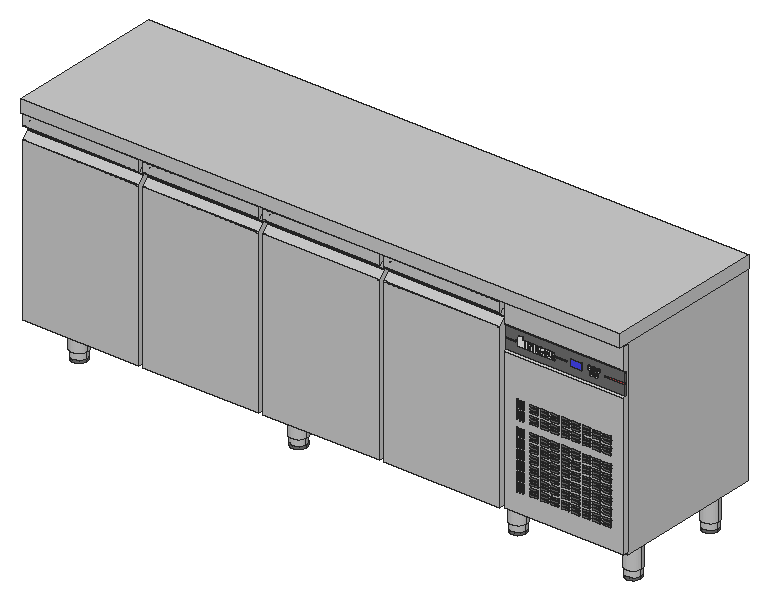
Revit family "QF_INOMAK_PMRP9999_250528093421", category Specialty Equipment, Revit 2021 (continued)
Definition of nested family "QF_INOMAK_REF_COUNTERS_DOORS_DRAWERS_7216"
  Definition of nested family "3_Drawers_1-3"
    Reference planes
      plane 2: z = 0
      plane 3 "Left": x = 0
      plane 4 "Right": x = 1200
      plane 5 "Front": y = -700
      plane 6 "Top": z = 1050
      plane 7 "Front legs": y = -690
      plane 8 "Legs top": z = 150
      plane 9 "Backsplash thickness": y = -10
      plane 10 "Left panel": x = 35
      plane 11 "Right panel": x = 1165
      plane 12: z = 749.333
      plane 13: z = 1046
      plane 14: z = 751.667
      plane 15: z = 747
      plane 16: z = 1048
      plane 17: z = 450.667
      plane 18: z = 453.333
      plane 19: z = 448
      plane 20: z = 154
      plane 21: z = 152
    Forms (mm)
      Extrusion 1, solid, material <- "Finish", visible <- "3 Drawers"
        sketch origin (35, 0, 0) x (0, -1, 0) y (0, 0, 1)
          loop
            line (690, 751.667) -> (690, 960.365)
            arc (690, 960.365) -> (689.866, 961.037) -> (689.485, 961.607) r 1.757
            line (689.485, 961.607) -> (666.663, 984.429)
            arc (666.663, 984.429) -> (665.976, 985.458) -> (665.734, 986.672) r 3.172
            line (665.734, 986.672) -> (665.734, 1013.576)
            arc (665.734, 1013.576) -> (666.433, 1015.262) -> (668.119, 1015.961) r 2.385
            line (668.119, 1015.961) -> (680.029, 1015.961) -> (686.544, 1006.657)
            arc (686.544, 1006.657) -> (688.671, 1005.935) -> (690, 1007.747) r 1.9
            line (690, 1007.747) -> (690, 1046) -> (648, 1046) -> (648, 751.667) -> (690, 751.667)
        from 0 to -1130
      Extrusion 2, solid, visible <- "3 Drawers", detail levels coarse
        sketch origin (0, -640.463, 751.667) x (0, 1, 0) y (-1, 0, 0)
          loop
            line (-49.537, -35) -> (-624.582, -35) -> (-624.582, -1165) -> (-49.537, -1165) -> (-49.537, -35)
        from 0 to 294.333
      Extrusion 3, solid, visible <- "3 Drawers", detail levels coarse
        sketch origin (0, -640.463, 453.333) x (0, 1, 0) y (-1, 0, 0)
          loop
            line (-49.537, -35) -> (-624.582, -35) -> (-624.582, -1165) -> (-49.537, -1165) -> (-49.537, -35)
        from 0 to 293.667
      Extrusion 4, solid, visible <- "3 Drawers", detail levels coarse
        sketch origin (0, -700, 154) x (-1, 0, 0) y (0, 1, 0)
          loop
            line (-35, 10) -> (-1165, 10) -> (-1165, -565.045) -> (-35, -565.045) -> (-35, 10)
        from 0 to -294
      Extrusion 5, solid, material <- "Finish", visible <- "3 Drawers"
        sketch origin (35, 0, -220.667) x (0, -1, 0) y (0, 0, 1)
          loop
            line (690, 674) -> (690, 882.031)
            arc (690, 882.031) -> (689.866, 882.704) -> (689.485, 883.274) r 1.757
            line (689.485, 883.274) -> (666.663, 906.096)
            arc (666.663, 906.096) -> (665.976, 907.125) -> (665.734, 908.339) r 3.172
            line (665.734, 908.339) -> (665.734, 935.243)
            arc (665.734, 935.243) -> (666.433, 936.929) -> (668.119, 937.628) r 2.385
            line (668.119, 937.628) -> (680.029, 937.628) -> (686.544, 928.324)
            arc (686.544, 928.324) -> (688.671, 927.602) -> (690, 929.414) r 1.9
            line (690, 929.414) -> (690, 967.667) -> (648, 967.667) -> (648, 674) -> (690, 674)
        from 0 to -1130
      Extrusion 6, solid, material <- "Finish", visible <- "3 Drawers"
        sketch origin (35, 0, -441.333) x (0, -1, 0) y (0, 0, 1)
          loop
            line (690, 595.333) -> (690, 800.031)
            arc (690, 800.031) -> (689.866, 800.704) -> (689.485, 801.274) r 1.757
            line (689.485, 801.274) -> (666.663, 824.096)
            arc (666.663, 824.096) -> (665.976, 825.125) -> (665.734, 826.339) r 3.172
            line (665.734, 826.339) -> (665.734, 857.243)
            arc (665.734, 857.243) -> (666.433, 858.929) -> (668.119, 859.628) r 2.385
            line (668.119, 859.628) -> (680.029, 859.628) -> (686.544, 850.324)
            arc (686.544, 850.324) -> (688.671, 849.602) -> (690, 851.414) r 1.9
            line (690, 851.414) -> (690, 889.333) -> (648, 889.333) -> (648, 595.333) -> (690, 595.333)
        from 0 to -1130
    Lines and regions (mm)
      symbolic lines, visible <- "3 Drawers"
        curve 1: line (35, -850, 900) -> (35, -890, 900)
        curve 2: line (35, -890, 900) -> (1165, -890, 900)
        curve 3: line (1165, -890, 900) -> (1165, -850, 900)
        curve 4: line (1165, -850, 900) -> (35, -850, 900)
        curve 5: line (1135, -850, 900) -> (1135, -700, 900)
        curve 6: line (65, -850, 900) -> (65, -700, 900)
        curve 7: line (35, -1040, 900) -> (35, -1080, 900)
        curve 8: line (35, -1080, 900) -> (1165, -1080, 900)
        curve 9: line (1165, -1080, 900) -> (1165, -1040, 900)
        curve 10: line (1165, -1040, 900) -> (35, -1040, 900)
        curve 11: line (1135, -1040, 900) -> (1135, -890, 900)
        curve 12: line (65, -1040, 900) -> (65, -890, 900)
        curve 13: line (35, -1225, 900) -> (35, -1265, 900)
        curve 14: line (35, -1265, 900) -> (1165, -1265, 900)
        curve 15: line (1165, -1265, 900) -> (1165, -1225, 900)
        curve 16: line (1165, -1225, 900) -> (35, -1225, 900)
        curve 17: line (1135, -1225, 900) -> (1135, -1080, 900)
        curve 18: line (65, -1225, 900) -> (65, -1080, 900)
    Dimensions and locks
      "Length Actual": plane 3 "Left" to plane 4 "Right"
      "Depth Actual": plane 5 "Front" to plane 1 "Back"
      "Height Actual": plane 6 "Top" to plane 8 "Legs top"
      "Front inset": plane 7 "Front legs" to plane 5 "Front"
      "Plinth height": plane 8 "Legs top" to plane 2
      "Rear inset": plane 9 "Backsplash thickness" to plane 1 "Back"
      "Right panel thickness": plane 11 "Right panel" to plane 4 "Right"
      "Left panel thickness": plane 3 "Left" to plane 10 "Left panel"
      plane 14 to plane 15 = 4.667 mm
      equal spacing: plane 14, plane 12, plane 15
      locked: plane 16 to plane 13 at 2
      equal spacing: plane 18, plane 17, plane 19
      plane 18 to plane 19 = 5.333 mm
      "Bottom inset": plane 20 to plane 8 "Legs top"
      equal spacing: plane 21, plane 17, plane 12, plane 16
      "Top inset": plane 13 to plane 6 "Top"
      locked: plane 21 to plane 20 at 2
      aligned and locked: level to plane 2
      aligned and locked: Extrusion 1 to plane 11 "Right panel"
      aligned and locked: plane 10 "Left panel" to curve 1
      aligned and locked: plane 10 "Left panel" to curve 7
      aligned and locked: plane 10 "Left panel" to curve 13
      aligned and locked: Extrusion 2 sketch curve to plane 10 "Left panel"
      aligned and locked: plane 11 "Right panel" to Extrusion 2 sketch curve
      aligned and locked: Extrusion 3 sketch curve to plane 10 "Left panel"
      aligned and locked: plane 11 "Right panel" to Extrusion 3 sketch curve
      aligned and locked: Extrusion 4 sketch curve to plane 10 "Left panel"
      aligned and locked: plane 11 "Right panel" to Extrusion 4 sketch curve
      aligned and locked: Extrusion 2 to plane 13
      aligned and locked: Extrusion 3 to plane 15
      aligned and locked: Extrusion 4 to plane 19
      aligned and locked: Extrusion 5 to plane 11 "Right panel"
      aligned and locked: Extrusion 6 to plane 11 "Right panel"
      aligned and locked: Extrusion 1 sketch curve to plane 13
      aligned and locked: Extrusion 1 sketch curve to plane 7 "Front legs"
      aligned and locked: plane 18 to Extrusion 5 sketch curve
      aligned and locked: Extrusion 6 sketch curve to Extrusion 4  (x2)
      aligned and locked: Extrusion 5 sketch curve to plane 15
      aligned and locked: Extrusion 4 to Extrusion 5 sketch curve
      aligned and locked: Extrusion 6 sketch curve to plane 19
      aligned and locked: Extrusion 6 sketch curve to plane 20
    Automatic sketch dimensions
      Extrusion 2 sketch curve to plane 7 "Front legs" = 0 mm
      Extrusion 2 sketch curve to plane 5 "Front" = 565.045 mm
      Extrusion 3 sketch curve to plane 7 "Front legs" = 0 mm
      Extrusion 3 sketch curve to plane 5 "Front" = 565.045 mm
      Extrusion 4 sketch curve to plane 7 "Front legs" = 0 mm
      Extrusion 4 sketch curve to plane 5 "Front" = 565.045 mm
      curve 14 to plane 11 "Right panel" = 0 mm
      curve 8 to plane 11 "Right panel" = 0 mm
      curve 3 to plane 11 "Right panel" = 0 mm
      curve 6 to plane 5 "Front" = 0 mm
      curve 5 to plane 5 "Front" = 0 mm
      curve 1 to plane 5 "Front" = 150 mm
      curve 2 to curve 3 = 40 mm
      curve 10 to curve 1 = 150 mm
      curve 9 to curve 9 = 40 mm
      curve 13 to curve 7 = 145 mm
      curve 14 to curve 13 = 40 mm
      curve 3 to curve 5 = 30 mm
      curve 15 to curve 17 = 30 mm
      curve 11 to curve 17 = 0 mm
      curve 6 to plane 10 "Left panel" = 30 mm
      curve 18 to plane 10 "Left panel" = 30 mm
      curve 12 to curve 18 = 0 mm
      Extrusion 1 sketch curve to plane 14 = 0 mm
      Extrusion 1 sketch curve to plane 7 "Front legs" = 0 mm
      plane 7 "Front legs" to Extrusion 1 sketch curve = 0.515 mm
      plane 7 "Front legs" to Extrusion 1 sketch curve = 1.757 mm
      plane 7 "Front legs" to Extrusion 1 sketch curve = 1.9 mm
      Extrusion 1 sketch curve to Extrusion 1 sketch curve = 1.556 mm
      plane 7 "Front legs" to Extrusion 1 sketch curve = 9.971 mm
      plane 7 "Front legs" to Extrusion 1 sketch curve = 21.094 mm
      Extrusion 1 sketch curve to Extrusion 1 sketch curve = 11.91 mm
      Extrusion 1 sketch curve to Extrusion 1 sketch curve = 2.243 mm
      Extrusion 1 sketch curve to Extrusion 1 sketch curve = 2.385 mm
      Extrusion 1 sketch curve to Extrusion 1 sketch curve = 20.119 mm
      plane 13 to Extrusion 1 sketch curve = 85.635 mm
      Extrusion 1 sketch curve to Extrusion 1 sketch curve = 22.822 mm
      Extrusion 1 sketch curve to Extrusion 1 sketch curve = 19.985 mm
      Extrusion 1 sketch curve to Extrusion 1 sketch curve = 6.919 mm
      plane 15 to Extrusion 5 sketch curve = 59.328 mm
      Extrusion 5 sketch curve to Extrusion 5 sketch curve = 17.734 mm
      plane 15 to Extrusion 5 sketch curve = 61.571 mm
      Extrusion 5 sketch curve to Extrusion 5 sketch curve = 0.929 mm
      Extrusion 5 sketch curve to Extrusion 5 sketch curve = 2.385 mm
      Extrusion 5 sketch curve to Extrusion 5 sketch curve = 11.91 mm
      Extrusion 5 sketch curve to Extrusion 5 sketch curve = 6.515 mm
      Extrusion 5 sketch curve to Extrusion 5 sketch curve = 1.556 mm
      Extrusion 5 sketch curve to Extrusion 5 sketch curve = 21.58 mm
      plane 15 to Extrusion 5 sketch curve = 84.393 mm
      Extrusion 5 sketch curve to Extrusion 5 sketch curve = 1.242 mm
      Extrusion 5 sketch curve to Extrusion 5 sketch curve = 1.9 mm
      Extrusion 5 sketch curve to Extrusion 5 sketch curve = 0.515 mm
      Extrusion 5 sketch curve to Extrusion 5 sketch curve = 6.919 mm
      Extrusion 5 sketch curve to Extrusion 5 sketch curve = 30.039 mm
      plane 7 "Front legs" to Extrusion 6 sketch curve = 0.515 mm
      plane 7 "Front legs" to Extrusion 6 sketch curve = 1.757 mm
      plane 7 "Front legs" to Extrusion 6 sketch curve = 1.9 mm
      Extrusion 6 sketch curve to Extrusion 6 sketch curve = 1.556 mm
      plane 7 "Front legs" to Extrusion 6 sketch curve = 9.971 mm
      plane 7 "Front legs" to Extrusion 6 sketch curve = 21.094 mm
      Extrusion 6 sketch curve to Extrusion 6 sketch curve = 11.91 mm
      Extrusion 6 sketch curve to Extrusion 6 sketch curve = 2.243 mm
      Extrusion 6 sketch curve to Extrusion 6 sketch curve = 2.385 mm
      Extrusion 6 sketch curve to Extrusion 6 sketch curve = 20.119 mm
      plane 19 to Extrusion 6 sketch curve = 89.302 mm
      Extrusion 6 sketch curve to Extrusion 6 sketch curve = 22.822 mm
      Extrusion 6 sketch curve to Extrusion 6 sketch curve = 23.985 mm
      Extrusion 6 sketch curve to Extrusion 6 sketch curve = 6.919 mm
  Definition of nested family "2_Drawers_1-2"
    Parameters (values of type "2 Drawers 1-2")
      URL = "www.specifiglobal.com"
      Top inset [instance] = 4 mm
      Right panel thickness [instance] = 35 mm
      Rear inset [instance] = 10 mm
      Plinth height [instance] = 150 mm
      Model = ""
      Manufacturer = "DEMO CONSULTANT"
      Length Actual [instance] = 1200 mm
      Left panel thickness [instance] = 35 mm
      Height Actual [instance] = 900 mm
      Front inset [instance] = 10 mm
      Finish = none
      Doors drawers type [instance] = 4
      Description = ""
      Depth Actual [instance] = 700 mm
      Default Elevation = 0 mm
      Bottom inset [instance] = 4 mm
      Assembly Code = "E1090320"
      2 Drawers [instance] = Doors drawers type = 4  # yes
    Reference planes
      plane 1 "Back": y = 0
      plane 2: z = 0
      plane 3 "Left": x = 0
      plane 4 "Right": x = 1200
      plane 5 "Front": y = -700
      plane 6 "Top": z = 1050
      plane 7 "Front legs": y = -690
      plane 8 "Legs top": z = 150
      plane 9 "Backsplash thickness": y = -10
      plane 10 "Left panel": x = 35
      plane 11 "Right panel": x = 1165
      plane 12: z = 600
      plane 13: z = 1046
      plane 14: z = 602
      plane 15: z = 598
      plane 16: z = 154
    Forms (mm)
      Extrusion 1, solid, material <- "Finish", visible <- "2 Drawers"
        sketch origin (35, 0, 0) x (0, -1, 0) y (0, 0, 1)
          loop
            line (690, 602) -> (690, 960.365)
            arc (690, 960.365) -> (689.866, 961.037) -> (689.485, 961.607) r 1.757
            line (689.485, 961.607) -> (666.663, 984.429)
            arc (666.663, 984.429) -> (665.976, 985.458) -> (665.734, 986.672) r 3.172
            line (665.734, 986.672) -> (665.734, 1013.576)
            arc (665.734, 1013.576) -> (666.433, 1015.262) -> (668.119, 1015.961) r 2.385
            line (668.119, 1015.961) -> (680.029, 1015.961) -> (686.544, 1006.657)
            arc (686.544, 1006.657) -> (688.671, 1005.935) -> (690, 1007.747) r 1.9
            line (690, 1007.747) -> (690, 1046) -> (648, 1046) -> (648, 602) -> (690, 602)
        from 0 to -1130
      Extrusion 2, solid, visible <- "2 Drawers", detail levels coarse
        sketch origin (0, -640.463, 602) x (0, 1, 0) y (-1, 0, 0)
          loop
            line (-49.537, -35) -> (-624.537, -35) -> (-624.537, -1165) -> (-49.537, -1165) -> (-49.537, -35)
        from 0 to 444
      Extrusion 3, solid, visible <- "2 Drawers", detail levels coarse
        sketch origin (0, -700, 154) x (-1, 0, 0) y (0, 1, 0)
          loop
            line (-35, 10) -> (-1165, 10) -> (-1165, -565) -> (-35, -565) -> (-35, 10)
        from 0 to -444
      Extrusion 4, solid, material <- "Finish", visible <- "2 Drawers"
        sketch origin (35, 0, -441.333) x (0, -1, 0) y (0, 0, 1)
          loop
            line (690, 595.333) -> (690, 953.698)
            arc (690, 953.698) -> (689.866, 954.37) -> (689.485, 954.94) r 1.757
            line (689.485, 954.94) -> (666.663, 977.763)
            arc (666.663, 977.763) -> (665.976, 978.792) -> (665.734, 980.006) r 3.172
            line (665.734, 980.006) -> (665.734, 1006.909)
            arc (665.734, 1006.909) -> (666.433, 1008.596) -> (668.119, 1009.294) r 2.385
            line (668.119, 1009.294) -> (680.029, 1009.294) -> (686.544, 999.991)
            arc (686.544, 999.991) -> (688.671, 999.268) -> (690, 1001.08) r 1.9
            line (690, 1001.08) -> (690, 1039.333) -> (648, 1039.333) -> (648, 595.333) -> (690, 595.333)
        from 0 to -1130
    Lines and regions (mm)
      symbolic lines, visible <- "2 Drawers"
        curve 1: line (35, -940, 900) -> (35, -980, 900)
        curve 2: line (35, -980, 900) -> (1165, -980, 900)
        curve 3: line (1165, -980, 900) -> (1165, -940, 900)
        curve 4: line (1165, -940, 900) -> (35, -940, 900)
        curve 5: line (1135, -940, 900) -> (1135, -700, 900)
        curve 6: line (65, -940, 900) -> (65, -700, 900)
        curve 7: line (35, -1225, 900) -> (35, -1265, 900)
        curve 8: line (35, -1265, 900) -> (1165, -1265, 900)
        curve 9: line (1165, -1265, 900) -> (1165, -1225, 900)
        curve 10: line (1165, -1225, 900) -> (35, -1225, 900)
        curve 11: line (1135, -1225, 900) -> (1135, -980, 900)
        curve 12: line (65, -1225, 900) -> (65, -980, 900)
    Dimensions and locks
      "Length Actual": plane 3 "Left" to plane 4 "Right"
      "Depth Actual": plane 5 "Front" to plane 1 "Back"
      "Height Actual": plane 6 "Top" to plane 8 "Legs top"
      "Front inset": plane 7 "Front legs" to plane 5 "Front"
      "Plinth height": plane 8 "Legs top" to plane 2
      "Rear inset": plane 9 "Backsplash thickness" to plane 1 "Back"
      "Right panel thickness": plane 11 "Right panel" to plane 4 "Right"
      "Left panel thickness": plane 3 "Left" to plane 10 "Left panel"
      "Top inset": plane 6 "Top" to plane 13
      "Bottom inset": plane 16 to plane 8 "Legs top"
      equal spacing: plane 16, plane 12, plane 13
      locked: plane 14 to plane 12 at 2
      locked: plane 15 to plane 12 at 2
      aligned and locked: level to plane 2
      aligned and locked: Extrusion 1 to plane 11 "Right panel"
      aligned and locked: plane 10 "Left panel" to curve 1
      aligned and locked: plane 10 "Left panel" to curve 7
      aligned and locked: Extrusion 2 sketch curve to plane 10 "Left panel"
      aligned and locked: plane 11 "Right panel" to Extrusion 2 sketch curve
      aligned and locked: Extrusion 3 sketch curve to plane 10 "Left panel"
      aligned and locked: plane 11 "Right panel" to Extrusion 3 sketch curve
      aligned and locked: Extrusion 2 to plane 13
      aligned and locked: Extrusion 4 to plane 11 "Right panel"
      aligned and locked: Extrusion 3 to plane 15
      aligned and locked: Extrusion 1 sketch curve to plane 13
      aligned and locked: Extrusion 1 sketch curve to plane 7 "Front legs"
      aligned and locked: plane 14 to Extrusion 1 sketch curve
      aligned and locked: Extrusion 4 sketch curve to plane 15
      aligned and locked: Extrusion 4 sketch curve to plane 7 "Front legs"
      aligned and locked: Extrusion 4 sketch curve to plane 16
    Automatic sketch dimensions
      Extrusion 2 sketch curve to plane 7 "Front legs" = 0 mm
      Extrusion 2 sketch curve to plane 5 "Front" = 565 mm
      Extrusion 3 sketch curve to plane 7 "Front legs" = 0 mm
      Extrusion 3 sketch curve to plane 5 "Front" = 565 mm
      curve 9 to plane 11 "Right panel" = 0 mm
      curve 2 to plane 11 "Right panel" = 0 mm
      curve 5 to plane 5 "Front" = 0 mm
      curve 6 to plane 5 "Front" = 0 mm
      curve 1 to plane 5 "Front" = 240 mm
      curve 3 to curve 3 = 40 mm
      curve 7 to curve 1 = 245 mm
      curve 8 to curve 9 = 40 mm
      plane 11 "Right panel" to curve 5 = 30 mm
      curve 2 to curve 11 = 30 mm
      curve 6 to plane 10 "Left panel" = 30 mm
      curve 12 to plane 10 "Left panel" = 30 mm
      Extrusion 1 sketch curve to Extrusion 1 sketch curve = 17.734 mm
      Extrusion 1 sketch curve to Extrusion 1 sketch curve = 0.929 mm
      Extrusion 1 sketch curve to Extrusion 1 sketch curve = 2.385 mm
      Extrusion 1 sketch curve to Extrusion 1 sketch curve = 3.172 mm
      Extrusion 1 sketch curve to Extrusion 1 sketch curve = 11.91 mm
      Extrusion 1 sketch curve to Extrusion 1 sketch curve = 6.515 mm
      Extrusion 1 sketch curve to Extrusion 1 sketch curve = 1.556 mm
      Extrusion 1 sketch curve to Extrusion 1 sketch curve = 21.58 mm
      Extrusion 1 sketch curve to Extrusion 1 sketch curve = 1.242 mm
      Extrusion 1 sketch curve to Extrusion 1 sketch curve = 1.9 mm
      Extrusion 1 sketch curve to Extrusion 1 sketch curve = 0.515 mm
      Extrusion 1 sketch curve to Extrusion 1 sketch curve = 22.822 mm
      Extrusion 1 sketch curve to Extrusion 1 sketch curve = 19.985 mm
      Extrusion 1 sketch curve to Extrusion 1 sketch curve = 6.919 mm
      Extrusion 1 sketch curve to Extrusion 1 sketch curve = 30.039 mm
      Extrusion 4 sketch curve to plane 7 "Front legs" = 0 mm
      plane 7 "Front legs" to Extrusion 4 sketch curve = 0.515 mm
      plane 7 "Front legs" to Extrusion 4 sketch curve = 1.757 mm
      plane 7 "Front legs" to Extrusion 4 sketch curve = 1.9 mm
      Extrusion 4 sketch curve to Extrusion 4 sketch curve = 1.556 mm
      plane 7 "Front legs" to Extrusion 4 sketch curve = 9.971 mm
      plane 7 "Front legs" to Extrusion 4 sketch curve = 21.094 mm
      Extrusion 4 sketch curve to Extrusion 4 sketch curve = 11.91 mm
      Extrusion 4 sketch curve to Extrusion 4 sketch curve = 2.243 mm
      Extrusion 4 sketch curve to Extrusion 4 sketch curve = 2.385 mm
      Extrusion 4 sketch curve to Extrusion 4 sketch curve = 20.119 mm
      Extrusion 4 sketch curve to Extrusion 4 sketch curve = 22.822 mm
      Extrusion 4 sketch curve to Extrusion 4 sketch curve = 19.985 mm
      Extrusion 4 sketch curve to Extrusion 4 sketch curve = 6.919 mm
      Extrusion 4 sketch curve to Extrusion 4 sketch curve = 30.039 mm
  Definition of nested family "2_Drawers_1-3_2-3"
    Parameters (values of type "2 Drawers 1-3 and 2-3")
      URL = "www.specifiglobal.com"
      Top inset [instance] = 4 mm
      Right panel thickness [instance] = 35 mm
      Rear inset [instance] = 10 mm
      Plinth height [instance] = 150 mm
      Model = ""
      Manufacturer = "DEMO CONSULTANT"
      Length Actual [instance] = 1200 mm
      Left panel thickness [instance] = 35 mm
      Height Actual [instance] = 900 mm
      Front inset [instance] = 10 mm
      Finish = none
      Doors drawers type [instance] = 5
      Description = ""
      Depth Actual [instance] = 700 mm
      Default Elevation = 0 mm
      Bottom inset [instance] = 4 mm
      Assembly Code = "E1090320"
      2 Drawers 1-3 and 2-3 [instance] = Doors drawers type = 5  # yes
    Reference planes
      plane 1 "Back": y = 0
      plane 2: z = 0
      plane 3 "Left": x = 0
      plane 4 "Right": x = 1200
      plane 5 "Front": y = -700
      plane 6 "Top": z = 1050
      plane 7 "Front legs": y = -690
      plane 8 "Legs top": z = 150
      plane 9 "Backsplash thickness": y = -10
      plane 10 "Left panel": x = 35
      plane 11 "Right panel": x = 1165
      plane 12: z = 1046
      plane 13: z = 751.833
      plane 14: z = 746.833
      plane 15: z = 154
      plane 16: z = 450.667
      plane 17: z = 152
      plane 18: z = 1048
      plane 19: z = 749.333
    Forms (mm)
      Extrusion 1, solid, material <- "Finish", visible <- "2 Drawers 1-3 and 2-3"
        sketch origin (35, 0, 0) x (0, -1, 0) y (0, 0, 1)
          loop
            line (690, 751.833) -> (690, 960.365)
            arc (690, 960.365) -> (689.866, 961.037) -> (689.485, 961.607) r 1.757
            line (689.485, 961.607) -> (666.663, 984.429)
            arc (666.663, 984.429) -> (665.976, 985.458) -> (665.734, 986.672) r 3.172
            line (665.734, 986.672) -> (665.734, 1013.576)
            arc (665.734, 1013.576) -> (666.433, 1015.262) -> (668.119, 1015.961) r 2.385
            line (668.119, 1015.961) -> (680.029, 1015.961) -> (686.544, 1006.657)
            arc (686.544, 1006.657) -> (688.671, 1005.935) -> (690, 1007.747) r 1.9
            line (690, 1007.747) -> (690, 1046) -> (648, 1046) -> (648, 751.833) -> (690, 751.833)
        from 0 to -1130
      Extrusion 2, solid, visible <- "2 Drawers 1-3 and 2-3", detail levels coarse
        sketch origin (0, -640.463, 751.833) x (0, 1, 0) y (-1, 0, 0)
          loop
            line (-49.537, -35) -> (-624.537, -35) -> (-624.537, -1165) -> (-49.537, -1165) -> (-49.537, -35)
        from 0 to 294.167
      Extrusion 3, solid, visible <- "2 Drawers 1-3 and 2-3", detail levels coarse
        sketch origin (0, -700, 154) x (-1, 0, 0) y (0, 1, 0)
          loop
            line (-35, 10) -> (-1165, 10) -> (-1165, -565) -> (-35, -565) -> (-35, 10)
        from 0 to -592.833
      Extrusion 4, solid, material <- "Finish", visible <- "2 Drawers 1-3 and 2-3"
        sketch origin (35, 0, -441.333) x (0, -1, 0) y (0, 0, 1)
          loop
            line (690, 595.333) -> (690, 1101.698)
            arc (690, 1101.698) -> (689.866, 1102.37) -> (689.485, 1102.94) r 1.757
            line (689.485, 1102.94) -> (666.663, 1126.596)
            arc (666.663, 1126.596) -> (665.976, 1127.625) -> (665.734, 1128.839) r 3.172
            line (665.734, 1128.839) -> (665.734, 1155.743)
            arc (665.734, 1155.743) -> (666.433, 1157.429) -> (668.119, 1158.128) r 2.385
            line (668.119, 1158.128) -> (680.029, 1158.128) -> (686.544, 1148.824)
            arc (686.544, 1148.824) -> (688.671, 1148.102) -> (690, 1149.914) r 1.9
            line (690, 1149.914) -> (690, 1188.167) -> (648, 1188.167) -> (648, 595.333) -> (690, 595.333)
        from 0 to -1130
    Lines and regions (mm)
      symbolic lines, visible <- "2 Drawers 1-3 and 2-3"
        curve 1: line (35, -1000, 900) -> (35, -1040, 900)
        curve 2: line (35, -1040, 900) -> (1165, -1040, 900)
        curve 3: line (1165, -1040, 900) -> (1165, -1000, 900)
        curve 4: line (1165, -1000, 900) -> (35, -1000, 900)
        curve 5: line (1135, -1000, 900) -> (1135, -700, 900)
        curve 6: line (65, -1000, 900) -> (65, -700, 900)
        curve 7: line (35, -1225, 900) -> (35, -1265, 900)
        curve 8: line (35, -1265, 900) -> (1165, -1265, 900)
        curve 9: line (1165, -1265, 900) -> (1165, -1225, 900)
        curve 10: line (1165, -1225, 900) -> (35, -1225, 900)
        curve 11: line (1135, -1225, 900) -> (1135, -1040, 900)
        curve 12: line (65, -1225, 900) -> (65, -1040, 900)
    Dimensions and locks
      "Length Actual": plane 3 "Left" to plane 4 "Right"
      "Depth Actual": plane 5 "Front" to plane 1 "Back"
      "Height Actual": plane 6 "Top" to plane 8 "Legs top"
      "Front inset": plane 7 "Front legs" to plane 5 "Front"
      "Plinth height": plane 8 "Legs top" to plane 2
      "Rear inset": plane 9 "Backsplash thickness" to plane 1 "Back"
      "Right panel thickness": plane 11 "Right panel" to plane 4 "Right"
      "Left panel thickness": plane 3 "Left" to plane 10 "Left panel"
      "Top inset": plane 6 "Top" to plane 12
      locked: plane 13 to plane 14 at 5
      "Bottom inset": plane 15 to plane 8 "Legs top"
      equal spacing: plane 17, plane 16, plane 19, plane 18
      equal spacing: plane 12, plane 18, plane 6 "Top"
      equal spacing: plane 14, plane 19, plane 13
      equal spacing: plane 15, plane 17, plane 8 "Legs top"
      aligned and locked: level to plane 2
      aligned and locked: Extrusion 1 to plane 11 "Right panel"
      aligned and locked: plane 10 "Left panel" to curve 1
      aligned and locked: plane 10 "Left panel" to curve 7
      aligned and locked: Extrusion 2 sketch curve to plane 10 "Left panel"
      aligned and locked: plane 11 "Right panel" to Extrusion 2 sketch curve
      aligned and locked: Extrusion 3 sketch curve to plane 10 "Left panel"
      aligned and locked: plane 11 "Right panel" to Extrusion 3 sketch curve
      aligned and locked: Extrusion 2 to plane 12
      aligned and locked: Extrusion 4 to plane 11 "Right panel"
      aligned and locked: Extrusion 3 to plane 14
      aligned and locked: plane 13 to Extrusion 1 sketch curve
      aligned and locked: Extrusion 2 to Extrusion 1 sketch curve
      aligned and locked: Extrusion 3 to Extrusion 4 sketch curve
      aligned and locked: Extrusion 4 sketch curve to Extrusion 3  (x2)
      aligned and locked: Extrusion 1 sketch curve to plane 7 "Front legs"
    Automatic sketch dimensions
      Extrusion 2 sketch curve to plane 7 "Front legs" = 0 mm
      Extrusion 2 sketch curve to plane 5 "Front" = 565 mm
      Extrusion 3 sketch curve to plane 7 "Front legs" = 0 mm
      Extrusion 3 sketch curve to plane 5 "Front" = 565 mm
      curve 9 to plane 11 "Right panel" = 0 mm
      curve 2 to plane 11 "Right panel" = 0 mm
      curve 5 to plane 5 "Front" = 0 mm
      curve 6 to plane 5 "Front" = 0 mm
      curve 1 to plane 5 "Front" = 300 mm
      curve 3 to curve 3 = 40 mm
      curve 7 to curve 1 = 185 mm
      curve 8 to curve 9 = 40 mm
      plane 11 "Right panel" to curve 5 = 30 mm
      curve 11 to curve 5 = 0 mm
      curve 6 to plane 10 "Left panel" = 30 mm
      curve 12 to curve 6 = 0 mm
      Extrusion 1 sketch curve to plane 7 "Front legs" = 0 mm
      plane 7 "Front legs" to Extrusion 1 sketch curve = 0.515 mm
      plane 7 "Front legs" to Extrusion 1 sketch curve = 1.757 mm
      plane 7 "Front legs" to Extrusion 1 sketch curve = 1.9 mm
      Extrusion 1 sketch curve to Extrusion 1 sketch curve = 1.556 mm
      plane 7 "Front legs" to Extrusion 1 sketch curve = 9.971 mm
      plane 7 "Front legs" to Extrusion 1 sketch curve = 21.094 mm
      Extrusion 1 sketch curve to Extrusion 1 sketch curve = 11.91 mm
      Extrusion 1 sketch curve to Extrusion 1 sketch curve = 2.243 mm
      Extrusion 1 sketch curve to Extrusion 1 sketch curve = 2.385 mm
      Extrusion 1 sketch curve to Extrusion 1 sketch curve = 20.119 mm
      plane 12 to Extrusion 1 sketch curve = 85.635 mm
      Extrusion 1 sketch curve to Extrusion 1 sketch curve = 22.822 mm
      Extrusion 1 sketch curve to Extrusion 1 sketch curve = 19.985 mm
      Extrusion 1 sketch curve to Extrusion 1 sketch curve = 6.919 mm
      plane 12 to Extrusion 1 sketch curve = 0 mm
      Extrusion 4 sketch curve to plane 7 "Front legs" = 0 mm
      plane 7 "Front legs" to Extrusion 4 sketch curve = 0.515 mm
      plane 7 "Front legs" to Extrusion 4 sketch curve = 1.9 mm
      Extrusion 4 sketch curve to Extrusion 4 sketch curve = 1.556 mm
      plane 7 "Front legs" to Extrusion 4 sketch curve = 9.971 mm
      plane 7 "Front legs" to Extrusion 4 sketch curve = 21.094 mm
      Extrusion 4 sketch curve to Extrusion 4 sketch curve = 11.91 mm
      Extrusion 4 sketch curve to Extrusion 4 sketch curve = 2.243 mm
      Extrusion 4 sketch curve to Extrusion 4 sketch curve = 2.385 mm
      Extrusion 4 sketch curve to Extrusion 4 sketch curve = 20.119 mm
      Extrusion 4 sketch curve to Extrusion 4 sketch curve = 86.469 mm
      Extrusion 4 sketch curve to Extrusion 4 sketch curve = 23.656 mm
      Extrusion 4 sketch curve to Extrusion 4 sketch curve = 19.985 mm
      Extrusion 4 sketch curve to Extrusion 4 sketch curve = 6.919 mm
      plane 7 "Front legs" to Extrusion 4 sketch curve = 1.757 mm
  Definition of nested family "Sliding_Doors"
    Parameters (values of type "Sliding doors")
      URL = "www.specifiglobal.com"
      Top inset [instance] = 4 mm
      Sliding doors [instance] = Doors drawers type = 2  # yes
      Right panel thickness [instance] = 35 mm
      Rear inset [instance] = 10 mm
      Plinth height [instance] = 150 mm
      Model = ""
      Manufacturer = "DEMO CONSULTANT"
      Length Actual [instance] = 1200 mm
      Left panel thickness [instance] = 35 mm
      Height Actual [instance] = 900 mm
      Front inset [instance] = 10 mm
      Finish [instance] = none
      Doors drawers type [instance] = 2
      Description = ""
      Depth Actual [instance] = 700 mm
      Default Elevation = 0 mm
      Bottom inset [instance] = 4 mm
      Assembly Code = "E1090320"
    Reference planes
      plane 1 "Back": y = 0
      plane 2: z = 0
      plane 3 "Left": x = 0
      plane 4 "Right": x = 1200
      plane 5 "Front": y = -700
      plane 6 "Top": z = 1050
      plane 7 "Front legs": y = -690
      plane 8 "Legs top": z = 150
      plane 9 "Backsplash thickness": y = -10
      plane 10: x = 35
      plane 11: x = 1165
      plane 12 "Center Left-Right": x = 600
      plane 13: z = 154
      plane 14: z = 1046
    Forms (mm)
      Extrusion 1, solid, material <- "Finish", visible <- "Sliding doors"
        sketch origin (0, -690, 154) x (-1, 0, 0) y (0, 1, 0)
          loop
            line (-35, 10) -> (-35, 20) -> (-620, 20) -> (-620, 0) -> (-91.156, 0)
            arc (-91.156, 0) -> (-85.272, 0.885) -> (-79.91, 3.461) r 20
            line (-79.91, 3.461) -> (-60, 17) -> (-38, 17) -> (-38, 10)
            arc (-38, 10) -> (-40.05, 5.05) -> (-45, 3) r 7
            line (-45, 3) -> (-50.012, 3) -> (-50.012, 0) -> (-45, 0)
            arc (-45, 0) -> (-37.929, 2.929) -> (-35, 10) r 10
        from 0 to -892
      Extrusion 2, solid, material <- "Finish", visible <- "Sliding doors"
        sketch origin (0, -689, 154) x (-1, 0, 0) y (0, 1, 0)
          loop
            arc (-1065, 30) -> (-1062.071, 22.929) -> (-1055, 20) r 10
            line (-1055, 20) -> (-1049.988, 20) -> (-1049.988, 23) -> (-1055, 23)
            arc (-1055, 23) -> (-1059.95, 25.05) -> (-1062, 30) r 7
            line (-1062, 30) -> (-1062, 37) -> (-1040, 37) -> (-1020.09, 23.461)
            arc (-1020.09, 23.461) -> (-1014.728, 20.885) -> (-1008.844, 20) r 20
            line (-1008.844, 20) -> (-480, 20) -> (-480, 40) -> (-1065, 40) -> (-1065, 30)
        from 0 to -892
    Lines and regions (mm)
      symbolic lines, visible <- "Sliding doors"
        curve 1: line (1065, -649, 150) -> (480, -649, 150)
        curve 2: line (1065, -669, 150) -> (1065, -649, 150)
        curve 3: line (480, -669, 150) -> (1065, -669, 150)
        curve 4: line (480, -649, 150) -> (480, -669, 150)
        curve 5: line (620, -690, 150) -> (35, -690, 150)
        curve 6: line (620, -670, 150) -> (620, -690, 150)
        curve 7: line (35, -670, 150) -> (620, -670, 150)
        curve 8: line (35, -690, 150) -> (35, -670, 150)
    Dimensions and locks
      "Length Actual": plane 3 "Left" to plane 4 "Right"
      "Depth Actual": plane 5 "Front" to plane 1 "Back"
      "Height Actual": plane 6 "Top" to plane 8 "Legs top"
      "Front inset": plane 7 "Front legs" to plane 5 "Front"
      "Plinth height": plane 8 "Legs top" to plane 2
      "Rear inset": plane 9 "Backsplash thickness" to plane 1 "Back"
      "Right panel thickness": plane 11 to plane 4 "Right"
      "Left panel thickness": plane 3 "Left" to plane 10
      equal spacing: plane 10, plane 12 "Center Left-Right", plane 11
      "Top inset": plane 6 "Top" to plane 14
      "Bottom inset": plane 13 to plane 8 "Legs top"
      locked: plane 12 "Center Left-Right" to curve 4 at 120
      locked: plane 12 "Center Left-Right" to curve 5 at 20
      locked: plane 11 to curve 1 at 100
      aligned and locked: level to plane 2
      aligned and locked: Extrusion 1 sketch curve to plane 7 "Front legs"
      aligned and locked: Extrusion 1 sketch curve to plane 10
      aligned and locked: Extrusion 1 to plane 14
      aligned and locked: Extrusion 2 to plane 14
      aligned and locked: curve 8 to plane 10
    Automatic sketch dimensions
      Extrusion 2 sketch curve to Extrusion 2 sketch curve = 0 mm  (x2)
      plane 11 to Extrusion 2 sketch curve = 100 mm
      Extrusion 2 sketch curve to Extrusion 2 sketch curve = 3 mm
      Extrusion 2 sketch curve to Extrusion 2 sketch curve = 7 mm  (x2)
      Extrusion 2 sketch curve to Extrusion 2 sketch curve = 5.012 mm
      plane 7 "Front legs" to Extrusion 2 sketch curve = 38 mm
      Extrusion 2 sketch curve to Extrusion 2 sketch curve = 15 mm
      plane 7 "Front legs" to Extrusion 2 sketch curve = 24.461 mm
      Extrusion 2 sketch curve to Extrusion 2 sketch curve = 19.91 mm
      Extrusion 2 sketch curve to Extrusion 2 sketch curve = 11.246 mm
      Extrusion 2 sketch curve to plane 12 "Center Left-Right" = 120 mm
      Extrusion 2 sketch curve to Extrusion 2 sketch curve = 16.539 mm
      Extrusion 2 sketch curve to Extrusion 2 sketch curve = 20 mm
      Extrusion 1 sketch curve to Extrusion 1 sketch curve = 0 mm  (x2)
      Extrusion 1 sketch curve to plane 7 "Front legs" = 0 mm
      Extrusion 1 sketch curve to plane 10 = 3 mm
      Extrusion 1 sketch curve to Extrusion 1 sketch curve = 7 mm
      Extrusion 1 sketch curve to Extrusion 1 sketch curve = 5.012 mm
      Extrusion 1 sketch curve to Extrusion 1 sketch curve = 15 mm
      plane 7 "Front legs" to Extrusion 1 sketch curve = 3.461 mm
      Extrusion 1 sketch curve to Extrusion 1 sketch curve = 19.91 mm
      Extrusion 1 sketch curve to Extrusion 1 sketch curve = 11.246 mm
      plane 12 "Center Left-Right" to Extrusion 1 sketch curve = 20 mm
      Extrusion 1 sketch curve to Extrusion 1 sketch curve = 20 mm
      Extrusion 1 sketch curve to Extrusion 1 sketch curve = 3 mm
      curve 8 to plane 7 "Front legs" = 0 mm
      curve 5 to curve 6 = 20 mm
      plane 7 "Front legs" to curve 2 = 21 mm
      curve 2 to curve 2 = 20 mm
  Definition of nested family "4_Drawers_1-4"
    Parameters (values of type "4 Drawers 1-4")
      URL = "www.specifiglobal.com"
      Top inset [instance] = 4 mm
      Right panel thickness [instance] = 35 mm
      Rear inset [instance] = 10 mm
      Plinth height [instance] = 150 mm
      Model = ""
      Manufacturer = "DEMO CONSULTANT"
      Length Actual [instance] = 1200 mm
      Left panel thickness [instance] = 35 mm
      Height Actual [instance] = 900 mm
      Front inset [instance] = 10 mm
      Finish [instance] = none
      Doors drawers type [instance] = 7
      Description = ""
      Depth Actual [instance] = 700 mm
      Default Elevation = 0 mm
      Bottom inset [instance] = 4 mm
      Assembly Code = "E1090320"
      4 Drawers [instance] = Doors drawers type = 7  # yes
    Reference planes
      plane 1 "Back": y = 0
      plane 2: z = 0
      plane 3 "Left": x = 0
      plane 4 "Right": x = 1200
      plane 5 "Front": y = -700
      plane 6 "Top": z = 1050
      plane 7 "Front legs": y = -690
      plane 8 "Legs top": z = 150
      plane 9 "Backsplash thickness": y = -10
      plane 10 "Left panel": x = 35
      plane 11 "Right panel": x = 1165
      plane 12: z = 824.25
      plane 13: z = 1046
      plane 14: z = 826.083
      plane 15: z = 822.417
      plane 16: z = 1048.5
      plane 17: z = 375.75
      plane 18: z = 377.917
      plane 19: z = 373.583
      plane 20: z = 154
      plane 21: z = 151.5
      plane 22: z = 600
      plane 23: z = 601.833
      plane 24: z = 598.167
    Forms (mm)
      Extrusion 1, solid, material <- "Finish", visible <- "4 Drawers"
        sketch origin (35, 0, -1) x (0, -1, 0) y (0, 0, 1)
          loop
            line (680, 1047) -> (670, 1047) -> (670, 827.083) -> (690, 827.083) -> (690, 990.844)
            arc (690, 990.844) -> (689.115, 996.728) -> (686.539, 1002.09) r 20
            line (686.539, 1002.09) -> (673, 1022) -> (673, 1044) -> (680, 1044)
            arc (680, 1044) -> (684.95, 1041.95) -> (687, 1037) r 7
            line (687, 1037) -> (687, 1031.988) -> (690, 1031.988) -> (690, 1037)
            arc (690, 1037) -> (687.071, 1044.071) -> (680, 1047) r 10
        from 0 to -1130
      Extrusion 2, solid, visible <- "4 Drawers", detail levels coarse
        sketch origin (0, -640.463, 826.083) x (0, 1, 0) y (-1, 0, 0)
          loop
            line (-49.537, -35) -> (-624.537, -35) -> (-624.537, -1165) -> (-49.537, -1165) -> (-49.537, -35)
        from 0 to 219.917
      Extrusion 3, solid, visible <- "4 Drawers", detail levels coarse
        sketch origin (0, -700, 154) x (-1, 0, 0) y (0, 1, 0)
          loop
            line (-35, 10) -> (-1165, 10) -> (-1165, -565) -> (-35, -565) -> (-35, 10)
        from 0 to -219.583
      Extrusion 4, solid, material <- "Finish", visible <- "4 Drawers"
        sketch origin (35, 0, -440.333) x (0, -1, 0) y (0, 0, 1)
          loop
            line (680, 813.917) -> (670, 813.917) -> (670, 594.333) -> (690, 594.333) -> (690, 757.761)
            arc (690, 757.761) -> (689.115, 763.644) -> (686.539, 769.007) r 20
            line (686.539, 769.007) -> (673, 788.917) -> (673, 810.917) -> (680, 810.917)
            arc (680, 810.917) -> (684.95, 808.866) -> (687, 803.917) r 7
            line (687, 803.917) -> (687, 798.904) -> (690, 798.904) -> (690, 803.917)
            arc (690, 803.917) -> (687.071, 810.988) -> (680, 813.917) r 10
        from 0 to -1130
      Extrusion 5, solid, material <- "Finish", visible <- "4 Drawers"
        sketch origin (35, 0, -165.333) x (0, -1, 0) y (0, 0, 1)
          loop
            line (680, 987.75) -> (670, 987.75) -> (670, 767.167) -> (690, 767.167) -> (690, 931.594)
            arc (690, 931.594) -> (689.115, 937.478) -> (686.539, 942.84) r 20
            line (686.539, 942.84) -> (673, 962.75) -> (673, 984.75) -> (680, 984.75)
            arc (680, 984.75) -> (684.95, 982.7) -> (687, 977.75) r 7
            line (687, 977.75) -> (687, 972.738) -> (690, 972.738) -> (690, 977.75)
            arc (690, 977.75) -> (687.071, 984.821) -> (680, 987.75) r 10
        from 0 to -1130
      Extrusion 6, solid, material <- "Finish", visible <- "4 Drawers"
        sketch origin (35, 0, -330.333) x (0, -1, 0) y (0, 0, 1)
          loop
            line (680, 928.5) -> (670, 928.5) -> (670, 708.25) -> (690, 708.25) -> (690, 872.344)
            arc (690, 872.344) -> (689.115, 878.228) -> (686.539, 883.59) r 20
            line (686.539, 883.59) -> (673, 903.5) -> (673, 925.5) -> (680, 925.5)
            arc (680, 925.5) -> (684.95, 923.45) -> (687, 918.5) r 7
            line (687, 918.5) -> (687, 913.488) -> (690, 913.488) -> (690, 918.5)
            arc (690, 918.5) -> (687.071, 925.571) -> (680, 928.5) r 10
        from 0 to -1130
      Extrusion 7, solid, visible <- "4 Drawers", detail levels coarse
        sketch origin (0, -500.463, 601.833) x (0, 1, 0) y (-1, 0, 0)
          loop
            line (-189.537, -35) -> (-764.537, -35) -> (-764.537, -1165) -> (-189.537, -1165) -> (-189.537, -35)
        from 0 to 220.583
      Extrusion 8, solid, visible <- "4 Drawers", detail levels coarse
        sketch origin (0, -540.463, 377.917) x (0, 1, 0) y (-1, 0, 0)
          loop
            line (-149.537, -35) -> (-724.537, -35) -> (-724.537, -1165) -> (-149.537, -1165) -> (-149.537, -35)
        from 0 to 220.25
    Lines and regions (mm)
      symbolic lines, visible <- "4 Drawers"
        curve 1: line (35, -945, 900) -> (35, -985, 900)
        curve 2: line (35, -985, 900) -> (1165, -985, 900)
        curve 3: line (1165, -985, 900) -> (1165, -945, 900)
        curve 4: line (1165, -945, 900) -> (35, -945, 900)
        curve 5: line (1135, -945, 900) -> (1135, -845, 900)
        curve 6: line (65, -945, 900) -> (65, -845, 900)
        curve 7: line (35, -1085, 900) -> (35, -1125, 900)
        curve 8: line (35, -1125, 900) -> (1165, -1125, 900)
        curve 9: line (1165, -1125, 900) -> (1165, -1085, 900)
        curve 10: line (1165, -1085, 900) -> (35, -1085, 900)
        curve 11: line (1135, -1085, 900) -> (1135, -985, 900)
        curve 12: line (65, -1085, 900) -> (65, -985, 900)
        curve 13: line (35, -1225, 900) -> (35, -1265, 900)
        curve 14: line (35, -1265, 900) -> (1165, -1265, 900)
        curve 15: line (1165, -1265, 900) -> (1165, -1225, 900)
        curve 16: line (1165, -1225, 900) -> (35, -1225, 900)
        curve 17: line (1135, -1225, 900) -> (1135, -1125, 900)
        curve 18: line (65, -1225, 900) -> (65, -1125, 900)
        curve 19: line (35, -805, 900) -> (35, -845, 900)
        curve 20: line (35, -845, 900) -> (1165, -845, 900)
        curve 21: line (1165, -845, 900) -> (1165, -805, 900)
        curve 22: line (1165, -805, 900) -> (35, -805, 900)
        curve 23: line (65, -805, 900) -> (65, -700, 900)
        curve 24: line (1135, -805, 900) -> (1135, -700, 900)
    Dimensions and locks
      "Length Actual": plane 3 "Left" to plane 4 "Right"
      "Depth Actual": plane 5 "Front" to plane 1 "Back"
      "Height Actual": plane 6 "Top" to plane 8 "Legs top"
      "Front inset": plane 7 "Front legs" to plane 5 "Front"
      "Plinth height": plane 8 "Legs top" to plane 2
      "Rear inset": plane 9 "Backsplash thickness" to plane 1 "Back"
      "Right panel thickness": plane 11 "Right panel" to plane 4 "Right"
      "Left panel thickness": plane 3 "Left" to plane 10 "Left panel"
      locked: plane 14 to plane 15 at 3.667
      equal spacing: plane 14, plane 12, plane 15
      locked: plane 23 to plane 24 at 3.667
      equal spacing: plane 23, plane 22, plane 24
      "Bottom inset": plane 20 to plane 8 "Legs top"
      equal spacing: plane 19, plane 17, plane 18
      locked: plane 19 to plane 18 at 4.333
      equal spacing: plane 21, plane 17, plane 22, plane 12, plane 16
      locked: plane 13 to plane 16 at 2.5
      "Top inset": plane 13 to plane 6 "Top"
      locked: plane 21 to plane 20 at 2.5
      aligned and locked: level to plane 2
      aligned and locked: plane 7 "Front legs" to Extrusion 1 sketch curve  (x2)
      aligned and locked: Extrusion 1 to plane 11 "Right panel"
      aligned and locked: Extrusion 1 sketch curve to plane 13
      aligned and locked: Extrusion 1 sketch curve to plane 14
      aligned and locked: plane 10 "Left panel" to curve 1
      aligned and locked: plane 10 "Left panel" to curve 7
      aligned and locked: plane 10 "Left panel" to curve 13
      aligned and locked: Extrusion 2 sketch curve to plane 10 "Left panel"
      aligned and locked: plane 11 "Right panel" to Extrusion 2 sketch curve
      aligned and locked: Extrusion 3 sketch curve to plane 10 "Left panel"
      aligned and locked: plane 11 "Right panel" to Extrusion 3 sketch curve
      aligned and locked: Extrusion 2 to plane 13
      aligned and locked: Extrusion 3 to plane 19
      aligned and locked: plane 20 to Extrusion 4 sketch curve
      aligned and locked: Extrusion 4 to plane 11 "Right panel"
      aligned and locked: Extrusion 5 sketch curve to plane 15
      aligned and locked: plane 7 "Front legs" to Extrusion 5 sketch curve
      aligned and locked: Extrusion 5 sketch curve to plane 23
      aligned and locked: Extrusion 6 sketch curve to plane 24
      aligned and locked: plane 7 "Front legs" to Extrusion 6 sketch curve
      aligned and locked: Extrusion 6 sketch curve to plane 18
      aligned and locked: Extrusion 7 to plane 15
      aligned and locked: Extrusion 8 to plane 24
      aligned and locked: Extrusion 5 to plane 11 "Right panel"
      aligned and locked: Extrusion 6 to plane 11 "Right panel"
    Automatic sketch dimensions
      Extrusion 1 sketch curve to Extrusion 1 sketch curve = 0 mm  (x2)
      plane 7 "Front legs" to Extrusion 1 sketch curve = 3 mm
      plane 7 "Front legs" to Extrusion 1 sketch curve = 3.461 mm
      plane 7 "Front legs" to Extrusion 1 sketch curve = 10 mm
      Extrusion 1 sketch curve to Extrusion 1 sketch curve = 7 mm
      plane 7 "Front legs" to Extrusion 1 sketch curve = 20 mm  (x2)
      Extrusion 1 sketch curve to Extrusion 1 sketch curve = 46.156 mm
      Extrusion 1 sketch curve to Extrusion 1 sketch curve = 15 mm
      Extrusion 1 sketch curve to Extrusion 1 sketch curve = 5.012 mm
      Extrusion 2 sketch curve to plane 7 "Front legs" = 0 mm
      Extrusion 2 sketch curve to plane 5 "Front" = 565 mm
      Extrusion 3 sketch curve to plane 7 "Front legs" = 0 mm
      Extrusion 3 sketch curve to plane 5 "Front" = 565 mm
      Extrusion 5 sketch curve to Extrusion 5 sketch curve = 0 mm  (x2)
      Extrusion 5 sketch curve to plane 7 "Front legs" = 0 mm
      plane 7 "Front legs" to Extrusion 5 sketch curve = 3 mm
      plane 7 "Front legs" to Extrusion 5 sketch curve = 3.461 mm
      plane 7 "Front legs" to Extrusion 5 sketch curve = 10 mm
      Extrusion 5 sketch curve to Extrusion 5 sketch curve = 7 mm
      plane 7 "Front legs" to Extrusion 5 sketch curve = 20 mm  (x2)
      Extrusion 5 sketch curve to Extrusion 5 sketch curve = 46.156 mm
      Extrusion 5 sketch curve to Extrusion 5 sketch curve = 15 mm
      Extrusion 5 sketch curve to Extrusion 5 sketch curve = 5.012 mm
      Extrusion 6 sketch curve to Extrusion 6 sketch curve = 0 mm  (x2)
      Extrusion 6 sketch curve to plane 7 "Front legs" = 0 mm
      plane 7 "Front legs" to Extrusion 6 sketch curve = 3 mm
      plane 7 "Front legs" to Extrusion 6 sketch curve = 3.461 mm
      plane 7 "Front legs" to Extrusion 6 sketch curve = 10 mm
      Extrusion 6 sketch curve to Extrusion 6 sketch curve = 7 mm
      plane 7 "Front legs" to Extrusion 6 sketch curve = 20 mm  (x2)
      Extrusion 6 sketch curve to Extrusion 6 sketch curve = 46.156 mm
      Extrusion 6 sketch curve to Extrusion 6 sketch curve = 15 mm
      Extrusion 6 sketch curve to Extrusion 6 sketch curve = 5.012 mm
      curve 14 to plane 11 "Right panel" = 0 mm
      curve 8 to plane 11 "Right panel" = 0 mm
      curve 2 to plane 11 "Right panel" = 0 mm
      curve 21 to plane 11 "Right panel" = 0 mm
      curve 20 to plane 10 "Left panel" = 0 mm
      curve 23 to plane 5 "Front" = 0 mm
      curve 24 to plane 5 "Front" = 0 mm
      curve 21 to plane 5 "Front" = 105 mm
      curve 20 to curve 21 = 40 mm
      curve 3 to curve 20 = 100 mm
      curve 3 to curve 3 = 40 mm
      curve 10 to curve 1 = 100 mm
      curve 9 to curve 9 = 40 mm
      curve 15 to curve 8 = 100 mm
      curve 15 to curve 15 = 40 mm
      plane 11 "Right panel" to curve 24 = 30 mm
      curve 8 to curve 17 = 30 mm
      curve 11 to curve 17 = 0 mm
      curve 23 to plane 10 "Left panel" = 30 mm
      curve 12 to curve 6 = 0 mm
      curve 18 to curve 12 = 0 mm
      Extrusion 4 sketch curve to Extrusion 4 sketch curve = 0 mm  (x2)
      plane 19 to Extrusion 4 sketch curve = 0 mm
      Extrusion 4 sketch curve to plane 7 "Front legs" = 0 mm  (x2)
      plane 7 "Front legs" to Extrusion 4 sketch curve = 3 mm
      plane 7 "Front legs" to Extrusion 4 sketch curve = 3.461 mm
      plane 7 "Front legs" to Extrusion 4 sketch curve = 10 mm
      Extrusion 4 sketch curve to Extrusion 4 sketch curve = 7 mm
      plane 7 "Front legs" to Extrusion 4 sketch curve = 20 mm  (x2)
      Extrusion 4 sketch curve to Extrusion 4 sketch curve = 46.156 mm
      Extrusion 4 sketch curve to Extrusion 4 sketch curve = 15 mm
      Extrusion 4 sketch curve to Extrusion 4 sketch curve = 5.012 mm
      Extrusion 7 sketch curve to plane 10 "Left panel" = 0 mm
      Extrusion 7 sketch curve to plane 11 "Right panel" = 0 mm
      Extrusion 7 sketch curve to plane 7 "Front legs" = 0 mm
      Extrusion 7 sketch curve to plane 5 "Front" = 565 mm
      Extrusion 8 sketch curve to plane 10 "Left panel" = 0 mm
      Extrusion 8 sketch curve to plane 11 "Right panel" = 0 mm
      Extrusion 8 sketch curve to plane 7 "Front legs" = 0 mm
      Extrusion 8 sketch curve to plane 5 "Front" = 565 mm
      curve 6 to plane 10 "Left panel" = 30 mm
      curve 5 to curve 24 = 0 mm
  Definition of nested family "Hinged_Doors"
    Parameters (values of type "Hinged doors")
      URL = "www.specifiglobal.com"
      Top inset [instance] = 4 mm
      Right panel thickness [instance] = 35 mm
      Rear inset [instance] = 10 mm
      Plinth height [instance] = 150 mm
      Model = ""
      Manufacturer = "DEMO CONSULTANT"
      Length Actual [instance] = 1200 mm
      Left panel thickness [instance] = 35 mm
      Hinged doors [instance] = Doors drawers type = 3  # yes
      Height Actual [instance] = 900 mm
      Front inset [instance] = 10 mm
      Finish [instance] = none
      Doors drawers type [instance] = 3
      Description = ""
      Depth Actual [instance] = 700 mm
      Default Elevation = 0 mm
      Bottom inset [instance] = 4 mm
      Assembly Code = "E1090320"
    Reference planes
      plane 1 "Back": y = 0
      plane 2: z = 0
      plane 3 "Left": x = 0
      plane 4 "Right": x = 1200
      plane 5 "Front": y = -700
      plane 6 "Top": z = 1050
      plane 7 "Front legs": y = -690
      plane 8 "Legs top": z = 150
      plane 9 "Backsplash thickness": y = -10
      plane 10: x = 35
      plane 11: x = 1165
      plane 12 "Center Left-Right": x = 600
      plane 13: x = 597.5
      plane 14: x = 602.5
      plane 15: z = 154
      plane 16: z = 1046
    Forms (mm)
      Extrusion 1, solid, material <- "Finish", visible <- "Hinged doors"
        sketch origin (35, -2307.849, 4000) x (0, -1, 0) y (0, 0, 1)
          loop
            line (-1627.849, -2954) -> (-1637.849, -2954) -> (-1637.849, -3846) -> (-1617.849, -3846) -> (-1617.849, -3010.156)
            arc (-1617.849, -3010.156) -> (-1618.734, -3004.272) -> (-1621.31, -2998.91) r 20
            line (-1621.31, -2998.91) -> (-1634.849, -2979) -> (-1634.849, -2957) -> (-1627.849, -2957)
            arc (-1627.849, -2957) -> (-1622.899, -2959.05) -> (-1620.849, -2964) r 7
            line (-1620.849, -2964) -> (-1620.849, -2969.012) -> (-1617.849, -2969.012) -> (-1617.849, -2964)
            arc (-1617.849, -2964) -> (-1620.778, -2956.929) -> (-1627.849, -2954) r 10
        from 0 to -562.5
      Extrusion 2, solid, visible <- "Hinged doors", detail levels coarse
        sketch origin (0, -700, 154) x (-1, 0, 0) y (0, 1, 0)
          loop
            line (-35, 10) -> (-597.5, 10)
            arc (-597.5, 10) -> (-432.748, -387.748) -> (-35, -552.5) r 562.5
            line (-35, -552.5) -> (-35, 10)
        from 0 to -892
      Extrusion 3, solid, material <- "Finish", visible <- "Hinged doors"
        sketch origin (1165, -2312.576, 4000) x (0, -1, 0) y (0, 0, 1)
          loop
            line (-1632.576, -2954) -> (-1642.576, -2954) -> (-1642.576, -3846) -> (-1622.576, -3846) -> (-1622.576, -3010.156)
            arc (-1622.576, -3010.156) -> (-1623.46, -3004.272) -> (-1626.037, -2998.91) r 20
            line (-1626.037, -2998.91) -> (-1639.576, -2979) -> (-1639.576, -2957) -> (-1632.576, -2957)
            arc (-1632.576, -2957) -> (-1627.626, -2959.05) -> (-1625.576, -2964) r 7
            line (-1625.576, -2964) -> (-1625.576, -2969.012) -> (-1622.576, -2969.012) -> (-1622.576, -2964)
            arc (-1622.576, -2964) -> (-1625.504, -2956.929) -> (-1632.576, -2954) r 10
        from 0 to 562.5
      Extrusion 4, solid, visible <- "Hinged doors", detail levels coarse
        sketch origin (0, -700, 154) x (-1, 0, 0) y (0, 1, 0)
          loop
            line (-1165, 10) -> (-1165, -552.5)
            arc (-1165, -552.5) -> (-767.252, -387.748) -> (-602.5, 10) r 562.5
            line (-602.5, 10) -> (-1165, 10)
        from 0 to -892
    Lines and regions (mm)
      symbolic lines, visible <- "Hinged doors"
        curve 1: line (35, -700, 150) -> (35, -1252.5, 150)
        curve 2: arc (35, -1252.5, 150) -> (429.196, -1091.268, 150) -> (597.411, -700, 150) r 562.5
        curve 3: arc (602.589, -700, 150) -> (770.804, -1091.268, 150) -> (1165, -1252.5, 150) r 562.5
        curve 4: line (1165, -1252.5, 150) -> (1165, -700, 150)
    Dimensions and locks
      "Length Actual": plane 3 "Left" to plane 4 "Right"
      "Depth Actual": plane 5 "Front" to plane 1 "Back"
      "Height Actual": plane 6 "Top" to plane 8 "Legs top"
      "Front inset": plane 7 "Front legs" to plane 5 "Front"
      "Plinth height": plane 8 "Legs top" to plane 2
      "Rear inset": plane 9 "Backsplash thickness" to plane 1 "Back"
      "Right panel thickness": plane 11 to plane 4 "Right"
      "Left panel thickness": plane 3 "Left" to plane 10
      equal spacing: plane 10, plane 12 "Center Left-Right", plane 11
      plane 13 to plane 12 "Center Left-Right" = 2.5 mm
      plane 12 "Center Left-Right" to plane 14 = 2.5 mm
      "Bottom inset": plane 15 to plane 8 "Legs top"
      "Top inset": plane 16 to plane 6 "Top"
      aligned and locked: level to plane 2
      aligned and locked: Extrusion 1 to plane 13
      aligned and locked: plane 10 to Extrusion 2 sketch curve
      aligned and locked: plane 13 to Extrusion 2 sketch curve
      aligned and locked: plane 7 "Front legs" to Extrusion 2 sketch curve  (x2)
      aligned and locked: plane 14 to Extrusion 3
      aligned and locked: Extrusion 2 to curve 1
      aligned and locked: curve 2 to Extrusion 2
      aligned and locked: curve 3 to Extrusion 4
      aligned and locked: curve 4 to Extrusion 4
      aligned and locked: plane 5 "Front" to curve 1
      aligned and locked: plane 5 "Front" to curve 2
      aligned and locked: plane 5 "Front" to curve 3
      aligned and locked: plane 5 "Front" to curve 4
      aligned and locked: Extrusion 4 to plane 16
      aligned and locked: Extrusion 2 to plane 16
      aligned and locked: Extrusion 1 sketch curve to plane 16
      aligned and locked: Extrusion 1 sketch curve to plane 15
      aligned and locked: Extrusion 3 sketch curve to plane 15
      aligned and locked: Extrusion 3 sketch curve to plane 16
    Automatic sketch dimensions
      Extrusion 1 sketch curve to Extrusion 1 sketch curve = 0 mm  (x2)
      Extrusion 1 sketch curve to plane 7 "Front legs" = 0 mm  (x2)
      plane 7 "Front legs" to Extrusion 1 sketch curve = 3 mm
      plane 7 "Front legs" to Extrusion 1 sketch curve = 3.461 mm
      plane 7 "Front legs" to Extrusion 1 sketch curve = 10 mm
      Extrusion 1 sketch curve to Extrusion 1 sketch curve = 7 mm
      plane 7 "Front legs" to Extrusion 1 sketch curve = 20 mm  (x2)
      Extrusion 1 sketch curve to Extrusion 1 sketch curve = 46.156 mm
      Extrusion 1 sketch curve to Extrusion 1 sketch curve = 15 mm
      Extrusion 1 sketch curve to Extrusion 1 sketch curve = 5.012 mm
      Extrusion 3 sketch curve to Extrusion 3 sketch curve = 0 mm  (x2)
      Extrusion 3 sketch curve to plane 7 "Front legs" = 0 mm  (x2)
      Extrusion 3 sketch curve to Extrusion 3 sketch curve = 3 mm
      plane 7 "Front legs" to Extrusion 3 sketch curve = 3.461 mm
      plane 7 "Front legs" to Extrusion 3 sketch curve = 10 mm
      Extrusion 3 sketch curve to Extrusion 3 sketch curve = 7 mm
      Extrusion 3 sketch curve to Extrusion 3 sketch curve = 16.539 mm
      Extrusion 3 sketch curve to Extrusion 3 sketch curve = 20 mm
      Extrusion 3 sketch curve to Extrusion 3 sketch curve = 46.156 mm
      Extrusion 3 sketch curve to Extrusion 3 sketch curve = 15 mm
      Extrusion 3 sketch curve to Extrusion 3 sketch curve = 5.012 mm
      Extrusion 4 sketch curve to plane 11 = 0 mm
      Extrusion 4 sketch curve to plane 7 "Front legs" = 0 mm
      Extrusion 4 sketch curve to plane 14 = 0 mm
  Definition of nested family "Hopper"
    Parameters (values of type "Hopper")
      URL = "www.specifiglobal.com"
      Top inset [instance] = 4 mm
      Right panel thickness [instance] = 35 mm
      Rear inset [instance] = 10 mm
      Plinth height [instance] = 150 mm
      Model = ""
      Manufacturer = "DEMO CONSULTANT"
      Length Actual [instance] = 700 mm
      Left panel thickness [instance] = 35 mm
      Hopper [instance] = Doors drawers type = 10  # yes
      Height Actual [instance] = 900 mm
      Front inset [instance] = 10 mm
      Finish [instance] = none
      Doors drawers type [instance] = 10
      Description = ""
      Depth Actual [instance] = 700 mm
      Default Elevation = 0 mm
      Bottom inset [instance] = 4 mm
      Assembly Code = "E1090320"
      2 Drawers = yes
    Reference planes
      plane 1 "Back": y = 0
      plane 2: z = 0
      plane 3 "Left": x = 0
      plane 4 "Right": x = 700
      plane 5 "Front": y = -700
      plane 6 "Top": z = 1050
      plane 7 "Front legs": y = -690
      plane 8 "Legs top": z = 150
      plane 9 "Backsplash thickness": y = -10
      plane 10 "Left panel": x = 35
      plane 11 "Right panel": x = 665
      plane 12: z = 1046
      plane 13: z = 154
    Forms (mm)
      Extrusion 1, solid, material <- "Finish", visible <- "Hopper"
        sketch origin (35, 0, 0) x (0, -1, 0) y (0, 0, 1)
          loop
            line (690, 154) -> (690, 960.365)
            arc (690, 960.365) -> (689.866, 961.037) -> (689.485, 961.607) r 1.757
            line (689.485, 961.607) -> (666.663, 984.429)
            arc (666.663, 984.429) -> (665.976, 985.458) -> (665.734, 986.672) r 3.172
            line (665.734, 986.672) -> (665.734, 1013.576)
            arc (665.734, 1013.576) -> (666.433, 1015.262) -> (668.119, 1015.961) r 2.385
            line (668.119, 1015.961) -> (680.029, 1015.961) -> (686.544, 1006.657)
            arc (686.544, 1006.657) -> (688.671, 1005.935) -> (690, 1007.747) r 1.9
            line (690, 1007.747) -> (690, 1046) -> (648, 1046) -> (648, 154) -> (690, 154)
        from 0 to -630
      Extrusion 2, solid, visible <- "Hopper", detail levels coarse
        sketch origin (35, 0, 0) x (0, -1, 0) y (0, 0, 1)
          loop
            line (690, 154) -> (1265, 154) -> (1265, 1046) -> (690, 1046) -> (690, 154)
        from 0 to -630
    Lines and regions (mm)
      symbolic lines, visible <- "Hopper"
        curve 1: line (35, -1225, 900) -> (35, -1265, 900)
        curve 2: line (35, -1265, 900) -> (665, -1265, 900)
        curve 3: line (665, -1265, 900) -> (665, -1225, 900)
        curve 4: line (665, -1225, 900) -> (35, -1225, 900)
        curve 5: line (635, -1225, 900) -> (635, -700, 900)
        curve 6: line (65, -1225, 900) -> (65, -700, 900)
    Dimensions and locks
      "Length Actual": plane 3 "Left" to plane 4 "Right"
      "Depth Actual": plane 5 "Front" to plane 1 "Back"
      "Height Actual": plane 6 "Top" to plane 8 "Legs top"
      "Front inset": plane 7 "Front legs" to plane 5 "Front"
      "Plinth height": plane 8 "Legs top" to plane 2
      "Rear inset": plane 9 "Backsplash thickness" to plane 1 "Back"
      "Right panel thickness": plane 11 "Right panel" to plane 4 "Right"
      "Left panel thickness": plane 3 "Left" to plane 10 "Left panel"
      "Top inset": plane 12 to plane 6 "Top"
